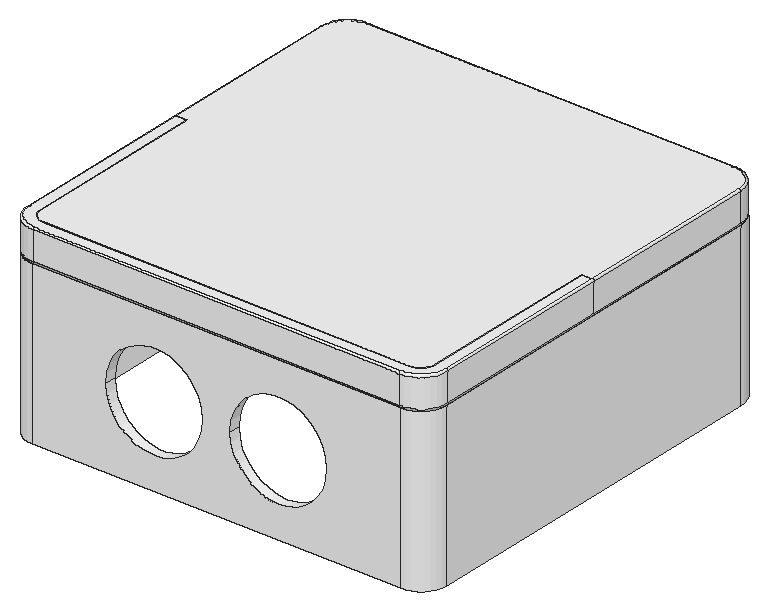
Revit family "4460_Addressable 230VAC Relay Output Unit", category Fire Alarm Devices, host Face, Revit 2020
Family settings
  Host = Face
  Maintain Annotation Orientation = No
  Round Connector Dimension = Use Diameter
  Part Type = Normal
  OmniClass Number = 23.85.30.21
  OmniClass Title = Environmental Detection/Registration
  Cut with Voids When Loaded = No
  Shared = No
  Room Calculation Point = No
Parameters (values of type "4460")
  Width (mm) = 130 mm  # constant formula
  Weight = "250g"  # constant formula
  Voltage Normal = "24 VDC"  # constant formula
  Voltage Allowed = "12 – 30 VDC"  # constant formula
  Version = "RVT20"  # constant formula
  Uniformat 2010 Description = "Detection and Alarm"  # constant formula
  Uniformat 2010  Code = "D7050"  # constant formula
  Uniclass 2015 Description = "Fire and smoke detector bases"  # constant formula
  Uniclass 2015 Code = "Pr_75_80_30_27 "  # constant formula
  URL = "https://www.panasonic-fire-security.com"
  Type Comments = "The 4460 is a dual input unit with isolator for monitoring of various equipment like switches, sprinkler valves, etc. The inputs are programmed via EBLWin. NC or NO contact."  # constant formula
  Tested and Approved = "EN54-18, EN54-17"  # constant formula
  Technical Number [instance] = ""
  Short Circuit Isolator = "Yes (Built-in)"  # constant formula
  Relay Outputs = "1"  # constant formula
  Product Material = Polycarbonate_Panasonic_White
  Power Supply = "Via COM loop"  # constant formula
  Omniclass Description = "Smoke Detectors"  # constant formula
  Omniclass Code = "23.85.30.21.11.11.11"  # constant formula
  Model = "4460"  # constant formula
  Min_Wire Size = "J1 Ø 0.5 mm (0.2 mm²) / J2 Ø 0.5 mm (0.2 mm²)"  # constant formula
  Max_Wire Size = "J1 Ø 1.7 mm (2.5 mm²) / J2 Ø 2.2 mm (4 mm²) "  # constant formula
  Max. Switching Capacity = "8A 250 V AC (resistive load) / 8A 30 V DC (resistive load)"  # constant formula
  Manufacturer = "Panasonic"  # constant formula
  Ingress Protection Rating = "IP66/67"  # constant formula
  Height (mm) = 130 mm  # constant formula
  Enclosure = "Standard Fibox encapsulation. (PCM 125/60 G)"  # constant formula
  Description = "Addressable 2 inputs unit with isolator 4460"  # constant formula
  Depth (mm) = 60 mm  # constant formula
  Default Elevation = 0 mm
  Current Quiescent = "≤ 1.7 mA"  # constant formula
  Current (Active) = "≤ 1.7 mA"  # constant formula
  Contact = ""
  CPR = "-"  # constant formula
  Ambient Temperature Storage = "-20 to +60 °C"  # constant formula
  Ambient Temperature Operating = "-10 to +50 °C"  # constant formula
  Ambient Humidity = "Maximum 95 % RH "  # constant formula
  Address Range = "1-253"  # constant formula
Reference planes
  plane 1 "Center (Front/Back)": y = 0
  plane 2: z = 0
  plane 3 "Center (Left/Right)": x = 0
  plane 4: x = -65
  plane 5: x = 65
  plane 6: y = 65
  plane 7: y = -65
  plane 8: z = 60
  plane 9: x = -61.75
  plane 10: y = 61.75
  plane 11: y = -61.75
  plane 12: x = 61.75
  plane 13: z = 50
  plane 14: z = 25
Forms (mm)
  Extrusion 1, solid, material "Polycarbonate_Panasonic_White" <- "Product Material"
    sketch origin (0, 0, 0) x (1, 0, 0) y (0, 1, 0)
      loop
        arc (-65, -57) -> (-62.657, -62.657) -> (-57, -65) r 8
        line (-57, -65) -> (57, -65)
        arc (57, -65) -> (62.657, -62.657) -> (65, -57) r 8
        line (65, -57) -> (65, 57)
        arc (65, 57) -> (62.657, 62.657) -> (57, 65) r 8
        line (57, 65) -> (-57, 65)
        arc (-57, 65) -> (-62.657, 62.657) -> (-65, 57) r 8
        line (-65, 57) -> (-65, -57)
      loop
        arc (-47.503, 61.75) -> (-48.562, 61.311) -> (-49.001, 60.252) r 1.498
        line (-49.001, 60.252) -> (-49.001, 56.75)
        arc (-49.001, 56.75) -> (-51.271, 51.27) -> (-56.751, 49) r 7.749
        line (-56.751, 49) -> (-60.25, 49)
        arc (-60.25, 49) -> (-61.311, 48.561) -> (-61.75, 47.5) r 1.5
        line (-61.75, 47.5) -> (-61.75, -47.5)
        arc (-61.75, -47.5) -> (-61.311, -48.561) -> (-60.25, -49) r 1.5
        line (-60.25, -49) -> (-56.751, -49)
        arc (-56.751, -49) -> (-51.271, -51.27) -> (-49.001, -56.75) r 7.749
        line (-49.001, -56.75) -> (-49.001, -60.252)
        arc (-49.001, -60.252) -> (-48.562, -61.311) -> (-47.503, -61.75) r 1.498
        line (-47.503, -61.75) -> (47.508, -61.75)
        arc (47.508, -61.75) -> (48.575, -61.308) -> (49.017, -60.242) r 1.508
        line (49.017, -60.242) -> (49.017, -56.783)
        arc (49.017, -56.783) -> (51.277, -51.327) -> (56.733, -49.066) r 7.717
        line (56.733, -49.066) -> (60.253, -49.066)
        arc (60.253, -49.066) -> (61.272, -48.644) -> (61.694, -47.626) r 1.441
        line (61.694, -47.626) -> (61.694, 47.626)
        arc (61.694, 47.626) -> (61.272, 48.644) -> (60.253, 49.066) r 1.441
        line (60.253, 49.066) -> (56.733, 49.066)
        arc (56.733, 49.066) -> (51.277, 51.327) -> (49.017, 56.783) r 7.717
        line (49.017, 56.783) -> (49.017, 60.242)
        arc (49.017, 60.242) -> (48.575, 61.308) -> (47.508, 61.75) r 1.508
        line (47.508, 61.75) -> (-47.503, 61.75)
      loop
        circle (-56.75, -56.75) r 4
      loop
        circle (-56.75, 56.75) r 4
      loop
        circle (56.755, -56.75) r 4
      loop
        circle (56.755, 56.75) r 4
    from 0 to 50
  Extrusion 2, solid, material "Polycarbonate_Panasonic_White" <- "Product Material"
    sketch origin (0, 0, 0) x (1, 0, 0) y (0, 1, 0)
      loop
        arc (-61.191, -56.691) -> (-59.872, -59.872) -> (-56.691, -61.191) r 4.5
        line (-56.691, -61.191) -> (56.691, -61.191)
        arc (56.691, -61.191) -> (59.872, -59.872) -> (61.191, -56.691) r 4.5
        line (61.191, -56.691) -> (61.191, 60)
        arc (61.191, 60) -> (60.842, 60.842) -> (60, 61.191) r 1.191
        line (60, 61.191) -> (-56.691, 61.191)
        arc (-56.691, 61.191) -> (-59.872, 59.872) -> (-61.191, 56.691) r 4.5
        line (-61.191, 56.691) -> (-61.191, -56.691)
    from 50 to 60
  Sweep 3, solid, material "Polycarbonate_Panasonic_White" <- "Product Material"
    path origin (0, 0, 0) x (1, 0, 0) y (0, 1, 0)
      loop
        line (61.75, 0) -> (61.75, 56.75)
        arc (61.75, 56.75) -> (60.286, 60.286) -> (56.75, 61.75) r 5
        line (56.75, 61.75) -> (-56.75, 61.75)
        arc (-56.75, 61.75) -> (-60.286, 60.286) -> (-61.75, 56.75) r 5
        line (-61.75, 56.75) -> (-61.75, 0)
    profile origin (61.75, 28.375, 0) x (-1, 0, 0) y (0, 0, 1)
      loop
        line (-2.728, 50) -> (0.559, 50) -> (0.559, 60) -> (-2.686, 60)
        arc (-2.686, 60) -> (-3.084, 59.849) -> (-3.25, 59.458) r 0.543
        line (-3.25, 59.458) -> (-3.25, 50.542)
        arc (-3.25, 50.542) -> (-3.098, 50.166) -> (-2.728, 50) r 0.543
  Extrusion 4, void
    sketch origin (0, 0, 6.043) x (1, 0, 0) y (0, 0, 1)
      loop
        circle (-19.25, 18.957) r 15
      loop
        circle (19.25, 18.957) r 15
    from 61.75 to 65
  Sweep 5, solid, material "Polycarbonate_Panasonic_White" <- "Product Material"
    path origin (0, 0, 0) x (1, 0, 0) y (0, 1, 0)
      loop
        line (61.75, 0) -> (61.75, -56.75)
        arc (61.75, -56.75) -> (60.286, -60.286) -> (56.75, -61.75) r 5
        line (56.75, -61.75) -> (-56.75, -61.75)
        arc (-56.75, -61.75) -> (-60.286, -60.286) -> (-61.75, -56.75) r 5
        line (-61.75, -56.75) -> (-61.75, 0)
    profile origin (61.75, -28.375, 0) x (1, 0, 0) y (0, 0, 1)
      loop
        arc (2.728, 50) -> (3.098, 50.166) -> (3.25, 50.542) r 0.543
        line (3.25, 50.542) -> (3.25, 59.458)
        arc (3.25, 59.458) -> (3.084, 59.849) -> (2.686, 60) r 0.543
        line (2.686, 60) -> (-0.559, 60) -> (-0.559, 50) -> (2.728, 50)
Cuts and joins
  Extrusion 4 cuts Extrusion 1
  joined: Extrusion 2, Sweep 3
Dimensions and locks
  locked: plane 4 to plane 9 at 3.25
  locked: plane 12 to plane 5 at 3.25
  locked: plane 6 to plane 10 at 3.25
  locked: plane 7 to plane 11 at 3.25
  equal spacing: plane 6, plane 1 "Center (Front/Back)", plane 7
  "Width (mm)": plane 6 to plane 7
  equal spacing: plane 4, plane 3 "Center (Left/Right)", plane 5
  "Height (mm)": plane 4 to plane 5
  locked: plane 8 to plane 13 at 10
  equal spacing: plane 13, plane 14, host face
  plane 13 to host face = 50 mm
  "Depth (mm)": plane 8 to host face
  aligned and locked: plane 2 to host face
  aligned and locked: level to host face
  aligned and locked: Extrusion 1 sketch curve to plane 6
  aligned and locked: Extrusion 1 sketch curve to plane 5
  aligned and locked: Extrusion 1 sketch curve to plane 7
  aligned and locked: Extrusion 1 sketch curve to plane 4
  aligned and locked: Extrusion 1 to Extrusion 4
  aligned and locked: Extrusion 4 to plane 11
  aligned and locked: Extrusion 1 sketch curve to plane 9
  aligned and locked: Extrusion 1 sketch curve to plane 10
  aligned and locked: plane 8 to cut or joined group of Extrusion 2, Sweep 3
  aligned and locked: Sweep 3 sketch curve to plane 13
  aligned and locked: Sweep 3 to Extrusion 2
  aligned and locked: Extrusion 2 to Sweep 3  (x2)
  aligned and locked: Extrusion 1 to cut or joined group of Extrusion 2, Sweep 3
  aligned and locked: plane 8 to Sweep 5 sketch curve
  aligned and locked: plane 13 to Sweep 5 sketch curve
Automatic sketch dimensions
  host sketch curve to host sketch curve = 2438.4 mm  (x2)
  Extrusion 4 sketch curve to plane 3 "Center (Left/Right)" = 19.25 mm
  plane 3 "Center (Left/Right)" to Extrusion 4 sketch curve = 19.25 mm
  level to Extrusion 4 sketch curve = 25 mm  (x2)
  Extrusion 2 sketch curve to plane 9 = 0.559 mm
  Extrusion 2 sketch curve to Extrusion 2 sketch curve = 4.5 mm  (x2)
  Extrusion 2 sketch curve to plane 11 = 0.559 mm
  Extrusion 2 sketch curve to plane 12 = 5.059 mm
  Extrusion 2 sketch curve to plane 12 = 1.75 mm
  Extrusion 2 sketch curve to plane 12 = 0.559 mm
  Extrusion 2 sketch curve to plane 10 = 5.059 mm
  plane 1 "Center (Front/Back)" to Sweep 3 sketch curve = 0 mm  (x2)
  Sweep 3 sketch curve to plane 9 = 0 mm
  Sweep 3 sketch curve to plane 10 = 0 mm
  Sweep 3 sketch curve to plane 12 = 0 mm
  Sweep 3 sketch curve to plane 9 = 5 mm
  Sweep 3 sketch curve to plane 12 = 5 mm
  profile plane to Sweep 3 sketch curve = 3.25 mm
  Sweep 3 sketch curve to Sweep 3 sketch curve = 0.522 mm
  Sweep 3 sketch curve to Sweep 3 sketch curve = 0.021 mm  (x2)
  Sweep 3 sketch curve to Sweep 3 sketch curve = 0.543 mm
  Sweep 3 sketch curve to profile plane = 0.559 mm
  Sweep 3 sketch curve to Sweep 3 sketch curve = 8.915 mm
  plane 1 "Center (Front/Back)" to Sweep 5 sketch curve = 0 mm  (x2)
  Sweep 5 sketch curve to plane 9 = 0 mm
  plane 11 to Sweep 5 sketch curve = 0 mm
  Sweep 5 sketch curve to plane 12 = 0 mm
  Sweep 5 sketch curve to plane 9 = 5 mm
  Sweep 5 sketch curve to plane 12 = 5 mm
  plane 11 to Extrusion 1 sketch curve = 0 mm
  Extrusion 1 sketch curve to plane 9 = 1.5 mm  (x2)
  Extrusion 1 sketch curve to plane 9 = 4.75 mm  (x2)
  Extrusion 1 sketch curve to Extrusion 1 sketch curve = 3.499 mm
  Extrusion 1 sketch curve to Extrusion 1 sketch curve = 0.249 mm
  Extrusion 1 sketch curve to Extrusion 1 sketch curve = 0.001 mm  (x2)
  Extrusion 1 sketch curve to plane 10 = 1.498 mm
  Extrusion 1 sketch curve to Extrusion 1 sketch curve = 7.749 mm  (x2)
  Extrusion 1 sketch curve to plane 11 = 1.498 mm
  Extrusion 1 sketch curve to plane 10 = 1.508 mm
  Extrusion 1 sketch curve to plane 12 = 14.242 mm  (x2)
  Extrusion 1 sketch curve to plane 11 = 1.508 mm
  Extrusion 1 sketch curve to plane 12 = 5.017 mm  (x2)
  Extrusion 1 sketch curve to Extrusion 1 sketch curve = 0.022 mm  (x2)
  Extrusion 1 sketch curve to Extrusion 1 sketch curve = 0.267 mm  (x2)
  Extrusion 1 sketch curve to plane 12 = 1.497 mm  (x2)
  Extrusion 1 sketch curve to plane 12 = 0.056 mm
  Extrusion 1 sketch curve to Extrusion 1 sketch curve = 0.217 mm
  Extrusion 1 sketch curve to Extrusion 1 sketch curve = 0.033 mm  (x2)
  Extrusion 1 sketch curve to Extrusion 1 sketch curve = 0.25 mm
  Extrusion 1 sketch curve to Extrusion 1 sketch curve = 0 mm  (x2)
  Extrusion 1 sketch curve to Extrusion 1 sketch curve = 9.5 mm
  Extrusion 1 sketch curve to Extrusion 1 sketch curve = 9.374 mm
  profile plane to Sweep 5 sketch curve = 0.559 mm
  Sweep 5 sketch curve to profile plane = 2.686 mm
  Sweep 5 sketch curve to profile plane = 2.707 mm
  Sweep 5 sketch curve to Sweep 5 sketch curve = 0.021 mm  (x2)
  Sweep 5 sketch curve to Sweep 5 sketch curve = 0.543 mm
  radius of Extrusion 4 sketch curve = 15 mm  (x2)
  radius of Extrusion 1 sketch curve = 4 mm  (x4)
Connectors
  electrical at (0, 0, 0)
    settings: index 1, voltage 0 V, apparent load 0 VA, apparent load phase1 0 VA, apparent load phase2 0 VA, apparent load phase3 0 VA, power factor 1, load classification "Other", number of poles 1, system type 11, power factor state 1, is connector primary yes, connector utility no, sub classification motor no, connector description ""
